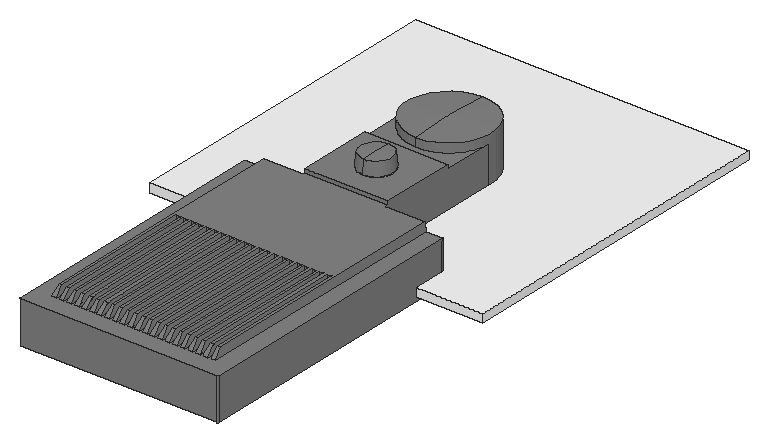
Revit family "BE_84653_de_DE", category Leuchten, Revit 2020
Family settings
  Basisbauteil = Fläche
  Bemaßung runder Anschluss = Durchmesser verwenden
  Teiletyp = Normal
  Beim Laden mit Abzugskörper schneiden = Ja
  Lichtquelle = Ja
  Gemeinsam genutzt = Nein
  Raumberechnungspunkt = Ja
Parameters (values of type "BEGA_84653_Grafit_K3")
  built-in parameter 1150104 = 18.042 (stored number, unit not read)
  Windangriffsfläche = ""
  Werkzeuglos = ""
  Wattage = 31 W
  Default Elevation = 0 mm
  built-in parameter 1150113 = 1 (stored number, unit not read)
  built-in parameter 1114218 = 1 (stored number, unit not read)
  Umgebungstemperatur = "25 °C"
  URL = "https://www.bega.com/de/produkt/84653"
  Typenkommentare = "© 2022 BEGA. Wir behalten uns das Recht vor, technische Änderungen ohne vorherige Ankündigung vorzunehmen."  # constant formula
  Type Image = 84653.png
  built-in parameter 1150134 = (empty or 0)
  built-in parameter 1150109 = 1 (stored number, unit not read)
  Strom = ""
  built-in parameter 1150110 = 1 (stored number, unit not read)
  Spannung = 239.996 V
  Sonderanfertigung = no
  Seriennummer [instance] = "Hier können Sie die eindeutige Seriennummer für das Facility Management eintragen."
  Schutzklasse = "II"
  Schutzart = "IP 66"
  Scheinlast = 0 VA
  Produktdatenblatt = "https://cdn.bega.com/bega/products/84653K4/current/documents/data-sheets/de"
  Oberflächentemperatur = ""
  Neigungswinkel = 0.00°
  Modell = "84653K3"
  Material_17 = BEGA_Reflektor
  Material_15 = BEGA_Leuchtmedium_matt
  Material_09 = BEGA_Glas_klar
  Material_04 = BEGA_Kunststoff_Grafit_matt
  Material_01 [instance] = BEGA_Oberfläche_Grafit_matt
  Mastzopf_Ø [instance] = "76 mm"  # constant formula
  Mast Gruppe = ""
  M_W = no
  M_G = yes
  M_A = no
  Logo = 0
  built-in parameter 1114217 = 1 (stored number, unit not read)
  built-in parameter 1150139 = (empty or 0)
  built-in parameter 1150105 = 479.07 (stored number, unit not read)
  built-in parameter 1150114 = 1 (stored number, unit not read)
  Lumens = 6020.2 lm
  Lichtpunkthöhe [instance] = ""
  built-in parameter 1150115 = 1 (stored number, unit not read)
  Leuchtenlichtstrom = "4668 lm"
  Leuchtenanzahl = ""
  Lebensdauerkriterien = "L70B50 @ 25 °C = 200000 h"
  Lastklassifizierung = Beleuchtung
  built-in parameter 1150112 = 1 (stored number, unit not read)
  Lampenlichtstrom = "6020 lm"
  Lampe = "LED 31 W"
  LED_Modulbezeichnung = "LED-1080/830"
  Hersteller = "BEGA"  # constant formula
  Halbstreuwinkel = ""
  Gewicht = "6.4 kg"
  Frequenz = "0/50-60 Hz"
  Farbwiedergabeindex = "CRI > 80"
  Farbtemperaturverschiebung bei Dämpfen der Lampe = <Keine Auswahl>
  Farbtemperatur = "3000 K"
  Color Filter = 16777215
  Erdstück [instance] = no
  built-in parameter 1150133 = 10 (stored number, unit not read)
  Energieeffizienzklasse = "LED A++ - A"
  Einstecktiefe = "100 mm"
  built-in parameter 1150137 = (empty or 0)
  built-in parameter 1150132 = (empty or 0)
  ENEC = "ja"
  Dimmbar [instance] = "on/off"
  Datei für fotometrisches Netz = "BE_84653K3.IES"
  CE_Konformität = "ja"
  Bestellnummer_Erdstück [instance] = ""
  Bestellnummer = "84653K3"
  Beschreibung_Sonderanfertigung = "Hier können Sie Informationen zur Sonderanfertigung eintragen."
  Beschreibung = "Aufsatzleuchte"
  built-in parameter 1150106 = 4.7907 (stored number, unit not read)
  Befestigungsbohrung = ""
  BEGA_Intern_aus = yes
  BEGA_Intern_an = yes
  BEGA_Intern_Konstruktion = yes
  BEGA_Intern = yes
  BEGA_IES3 = yes
  BEGA_IES2 = yes
  BEGA_IES1 = yes
  BEGA_IES = yes
  BEGA_Dummy = no
  Anschlussleitung = "8.0 m H05RN-F 2 × 1²"
  Anschlussleistung [instance] = "34.5 W"
  Anschlusskasten = ""
  built-in parameter 1150107 = 3000 (stored number, unit not read)
  built-in parameter 1150102 = (empty or 0)
  built-in parameter 1150138 = (empty or 0)
  Aktualisierung = "2022-05-19T04:00:07"
  Abstand_zur_angestrahlten_Fläche [instance] = ""
  AC/DC = "AC/DC"
Types (2, lengths in mm): name | built-in parameter 1150104 | built-in parameter 1150134 | Modell | built-in parameter 1150105 | Lumens | Leuchtenlichtstrom | Lampenlichtstrom | LED_Modulbezeichnung | Farbtemperatur | Datei für fotometrisches Netz | Bestellnummer | built-in parameter 1150106 | built-in parameter 1150107
  BEGA_84653_Grafit_K3 | 18.042 (stored number, unit not read) | (empty or 0) | "84653K3" | 479.07 (stored number, unit not read) | 6020.2 lm | "4668 lm" | "6020 lm" | "LED-1080/830" | "3000 K" | "BE_84653K3.IES" | "84653K3" | 4.7907 (stored number, unit not read) | 3000 (stored number, unit not read)
  BEGA_84653_Grafit_K4 | 18.553 (stored number, unit not read) | 12 | "84653K4" | 492.64 (stored number, unit not read) | 6190.7 lm | "4800 lm" | "6190 lm" | "LED-1080/840" | "4000 K" | "BE_84653K4.IES" | "84653K4" | 4.9264 (stored number, unit not read) | 4000 (stored number, unit not read)
Reference planes
  plane 1 "Mitte (Vorne/Hinten)": y = 0
  plane 2: z = 0
  plane 3 "Mitte (Links/Rechts)": x = 0
  plane 4 "Links": x = -119.513
  plane 5 "Rechts": x = 119.513
  plane 6 "Unten": y = -497.113
  plane 7 "Oben": y = 50.157
  plane 8 "Vorne": z = 65.956
  plane 9 "Hinten": z = -130
Forms (mm)
  Extrusion 1, solid, material "BEGA_Platte_Weiss"
    sketch origin (0, -1119.2, 0) x (1, 0, 0) y (0, 1, 0)
      loop
        line (-200, 1319.2) -> (-200, 919.2) -> (200, 919.2) -> (200, 1319.2) -> (-200, 1319.2)
    from 0 to -10
  Extrusion 2, solid, material "BEGA_Dummy_matt", visible <- "BEGA_Dummy"
    sketch origin (80.095, -76.023, 0) x (1, 0, 0) y (0, 1, 0)
      loop
        line (-199.608, 126.18) -> (-199.608, -421.09) -> (39.418, -421.09) -> (39.418, 126.18) -> (-199.608, 126.18)
    from -130 to 65.956
Dimensions and locks
  plane 1 "Mitte (Vorne/Hinten)" to Extrusion 1 = 200 mm
  aligned and locked: plane 2 to Extrusion 1
  aligned and locked: level to Extrusion 1
Nested families
  nested 1: "BE_84653" at (0, 0, 0), type "BE_84653"
Connectors
  electrical at (0, 0, 0), driven by "Lastklassifizierung", driven by "Spannung", driven by "Scheinlast"
    settings: index 1, voltage 239.996 V, apparent load 0 VA, apparent load phase1 0 VA, apparent load phase2 0 VA, apparent load phase3 0 VA, power factor 1, load classification "Beleuchtung", number of poles 1, system type 31, power factor state 1, is connector primary yes, connector utility no, sub classification motor no, connector description ""
Definition of nested family "BE_84653"
  Parameters (values of type "BE_84653")
    Default Elevation = 1 mm
    URL = "http://www.bega.de/de/produkt"
    Type Comments = "© 2015 BEGA. Wir behalten uns das Recht vor, technische Änderungen ohne vorherige Ankündigung vorzunehmen. "  # constant formula
    Type Image = (empty or 0)
    Material_17 = none
    Material_15 = none
    Material_09 = none
    Material_04 = none
    Material_01 = none
    M_W = yes
    M_G = yes
    M_A = yes
    Länge_Platte = 200 mm  # constant formula
    Höhe_Platte = -10 mm  # constant formula
    Manufacturer = "BEGA"  # constant formula
    Breite_Platte = 200 mm  # constant formula
  Reference planes
    plane 1 "Mitte (Oben/Unten)": y = 0
    plane 2: z = 0
    plane 3 "Mitte (Links/Rechts)": x = 0
    plane 4: x = -119.513
    plane 5: x = 119.513
    plane 6: y = -497.113
    plane 7: y = 50.157
    plane 8: z = -130
    plane 9: z = 65.956
  Forms (mm)
    Extrusion 1, solid, detail levels medium
      sketch origin (0, 0, 0) x (1, 0, 0) y (0, 1, 0)
        loop
          line (-100, 100) -> (-100, -100) -> (100, -100) -> (100, 100) -> (-100, 100)
      from 0 to -10 <- "Höhe_Platte"
    Revolve 2, solid, material <- "Material_01"
      sketch origin (0, 0, 0) x (0, 1, 0) y (0, 0, 1)
        loop
          line (50.157, -15.5) -> (50.157, 53.48)
          arc (50.157, 53.48) -> (25.099, 54.995) -> (0, 55.5) r 623.82
          line (0, 55.5) -> (0, -100) -> (24.307, -100) -> (27.307, -97) -> (28.729, -15.5) -> (50.157, -15.5)
        axis (0, 55.5) -> (0, -100)
      angle from 0 to 360
    Revolve 3, solid, material <- "Material_04"
      sketch origin (0, 0, 0) x (0, 1, 0) y (0, 0, 1)
        loop
          line (2.25, -100) -> (-7.25, -100) -> (-7.25, -130.1) -> (-0.75, -130.1)
          arc (-0.75, -130.1) -> (1.371, -129.221) -> (2.25, -127.1) r 3
          line (2.25, -127.1) -> (2.25, -113.1) -> (0.427, -113.1) -> (0.427, -105.4) -> (2.25, -105.4) -> (2.25, -100)
        axis (-7.25, -100) -> (-7.25, -130.1)
      angle from 0 to 360
    Revolve 4, solid, material <- "Material_04"
      sketch origin (0, 0, 0) x (0, 1, 0) y (0, 0, 1)
        loop
          line (-89.903, 48.45) -> (-91.157, 64.537)
          arc (-91.157, 64.537) -> (-100.501, 65.609) -> (-109.9, 65.95) r 120.654
          line (-109.9, 65.95) -> (-109.9, -38.25)
          arc (-109.9, -38.25) -> (-100.473, -37.907) -> (-91.102, -36.828) r 120.637
          line (-91.102, -36.828) -> (-89.903, -21.446) -> (-89.903, 48.45)
        axis (-109.9, -38.25) -> (-109.9, 65.95)
      angle from 0 to 360
    Extrusion 5, solid, material <- "Material_01"
      sketch origin (0, 0, 0) x (0, 1, 0) y (0, 0, 1)
        loop
          line (-65.025, 43.4) -> (-65.2, 48.4) -> (-154.6, 48.4) -> (-154.751, 44.1) -> (-159.744, 44.1) -> (-159.744, -15.9) -> (-156.724, -15.9) -> (-156.724, -20.7) -> (-65.075, -20.7) -> (-64.893, -15.5) -> (0, -15.5) -> (0, 43.4) -> (-65.025, 43.4)
      from -49.955 to 49.944
    Extrusion 6, solid, material <- "Material_01"
      sketch origin (0, 0, 0) x (1, 0, 0) y (0, 1, 0)
        loop
          arc (-119.513, -495.113) -> (-118.927, -496.527) -> (-117.513, -497.113) r 2
          line (-117.513, -497.113) -> (117.513, -497.113)
          arc (117.513, -497.113) -> (118.927, -496.527) -> (119.513, -495.113) r 2
          line (119.513, -495.113) -> (119.513, -160.087)
          arc (119.513, -160.087) -> (118.927, -158.673) -> (117.513, -158.087) r 2
          line (117.513, -158.087) -> (45.197, -158.087) -> (-45.197, -158.087) -> (-117.513, -158.087)
          arc (-117.513, -158.087) -> (-118.927, -158.673) -> (-119.513, -160.087) r 2
          line (-119.513, -160.087) -> (-119.513, -495.113)
      from -15.9 to 44.1
    Extrusion 7, void
      sketch origin (0, 3.681, 0) x (0, 1, 0) y (0, 0, 1)
        loop
          line (-295.119, -15.9) -> (-296.757, -11.4) -> (-496.664, -11.4) -> (-498.302, -15.9) -> (-295.119, -15.9)
      from -114 to 113.55
    Extrusion 8, void
      sketch origin (0, 0, 0) x (0, 1, 0) y (0, 0, 1)
        loop
          line (-302.892, 31.3) -> (-481.458, 31.3) -> (-483.106, -15.9) -> (-301.245, -15.9) -> (-302.892, 31.3)
      from -99 to 98.5
    Extrusion 9, solid, material <- "Material_15"
      sketch origin (0, 0, 0) x (0, 1, 0) y (0, 0, 1)
        loop
          line (-298.3, 29.5) -> (-298.3, 31.2) -> (-334.3, 31.2) -> (-334.3, 29.5) -> (-298.3, 29.5)
      from -95 to 95
    Extrusion 10, solid, material <- "Material_17"
      sketch origin (0, 0, 0) x (0, 1, 0) y (0, 0, 1)
        loop
          line (-320.695, -11.2) -> (-301.395, -11.2) -> (-302.035, -10.7) -> (-320.695, -10.7)
          arc (-320.695, -10.7) -> (-321.159, -10.388) -> (-321.044, -9.842) r 0.5
          arc (-321.044, -9.842) -> (-308.836, 7.158) -> (-303.15, 27.3) r 60.5
          line (-303.15, 27.3) -> (-304.724, 27.3) -> (-304.724, 20.605)
          arc (-304.724, 20.605) -> (-310.856, 4.341) -> (-321.393, -9.483) r 60
          arc (-321.393, -9.483) -> (-321.622, -10.577) -> (-320.695, -11.2) r 1
        loop
          line (-333.224, 25.93) -> (-336.507, 25.93)
          arc (-336.507, 25.93) -> (-408.305, 11.082) -> (-478.312, -10.7) r 750.5
          line (-478.312, -10.7) -> (-480.858, -10.7) -> (-482.942, -11.2) -> (-478.224, -11.2)
          arc (-478.224, -11.2) -> (-406.652, 10.991) -> (-333.224, 25.93) r 750
      from -105.848 to 105.848
    Extrusion 11, solid, material <- "Material_17"
      sketch origin (0, 0, 0) x (1, 0, 0) y (0, 0, 1)
        loop
          arc (-99.5, -4.7) -> (-99.146, -4.847) -> (-99, -5.2) r 0.5
          line (-99, -5.2) -> (-99, -10.2)
          arc (-99, -10.2) -> (-98.707, -10.907) -> (-98, -11.2) r 1
          line (-98, -11.2) -> (-96.958, -11.2)
          arc (-96.958, -11.2) -> (-96.269, -10.925) -> (-95.959, -10.252) r 1
          arc (-95.959, -10.252) -> (-90.555, 10.344) -> (-77.416, 27.1) r 52.5
          line (-77.416, 27.1) -> (-80.868, 27.1) -> (-81.7, 26.6) -> (-78.757, 26.6)
          arc (-78.757, 26.6) -> (-91.401, 9.747) -> (-96.481, -10.7) r 53
          line (-96.481, -10.7) -> (-98.5, -10.7) -> (-98.5, -4.2) -> (-105.848, -4.2) -> (-106.714, -4.7) -> (-99.5, -4.7)
        loop
          line (99.5, -4.7) -> (106.714, -4.7) -> (105.848, -4.2) -> (98.5, -4.2) -> (98.5, -10.7) -> (96.481, -10.7)
          arc (96.481, -10.7) -> (91.401, 9.747) -> (78.757, 26.6) r 53
          line (78.757, 26.6) -> (81.7, 26.6) -> (80.868, 27.1) -> (77.416, 27.1)
          arc (77.416, 27.1) -> (90.555, 10.344) -> (95.959, -10.252) r 52.5
          arc (95.959, -10.252) -> (96.269, -10.925) -> (96.958, -11.2) r 1
          line (96.958, -11.2) -> (98, -11.2)
          arc (98, -11.2) -> (98.707, -10.907) -> (99, -10.2) r 1
          line (99, -10.2) -> (99, -5.2)
          arc (99, -5.2) -> (99.146, -4.847) -> (99.5, -4.7) r 0.5
        loop
          arc (-2.041, -10.252) -> (-1.731, -10.925) -> (-1.042, -11.2) r 1
          line (-1.042, -11.2) -> (1.042, -11.2)
          arc (1.042, -11.2) -> (1.731, -10.925) -> (2.041, -10.252) r 1
          arc (2.041, -10.252) -> (7.275, 9.999) -> (20, 26.599) r 52.5
          line (20, 26.599) -> (18.689, 26.1)
          arc (18.689, 26.1) -> (6.44, 9.409) -> (1.519, -10.7) r 53
          line (1.519, -10.7) -> (-1.519, -10.7)
          arc (-1.519, -10.7) -> (-6.44, 9.409) -> (-18.689, 26.1) r 53
          line (-18.689, 26.1) -> (-20, 26.599)
          arc (-20, 26.599) -> (-7.275, 9.999) -> (-2.041, -10.252) r 52.5
      from 302.035 to 482.942
    Extrusion 12, solid, material <- "Material_09"
      sketch origin (0, 0, 0) x (1, 0, 0) y (0, 1, 0)
        loop
          arc (111.244, -296.5) -> (111.098, -296.147) -> (110.744, -296) r 0.5
          line (110.744, -296) -> (-110.744, -296)
          arc (-110.744, -296) -> (-111.098, -296.147) -> (-111.244, -296.5) r 0.5
          line (-111.244, -296.5) -> (-111.25, -491.77)
          arc (-111.25, -491.77) -> (-111.095, -492.17) -> (-110.738, -492.314) r 0.5
          line (-110.738, -492.314) -> (110.738, -492.314)
          arc (110.738, -492.314) -> (111.095, -492.17) -> (111.244, -491.814) r 0.5
          line (111.244, -491.814) -> (111.244, -296.5)
      from -11.4 to -15.571
    Extrusion 13, void
      sketch origin (0, 0, 0) x (1, 0, 0) y (0, 0, 1)
        loop
          line (-98.45, 34.3) -> (-96.831, 46.6) -> (-122.696, 46.6) -> (-122.696, 34.3) -> (-98.45, 34.3)
        loop
          line (98.45, 34.3) -> (122.998, 34.3) -> (122.998, 46.6) -> (96.831, 46.6) -> (98.45, 34.3)
      from 144.146 to 509.248
    Extrusion 14, void
      sketch origin (0, 0, 0) x (0, 1, 0) y (0, 0, 1)
        loop
          line (-499.279, 34.3) -> (-474.622, 34.3) -> (-463.469, 45.453) -> (-499.279, 45.453) -> (-499.279, 34.3)
      from -122.696 to 122.998
    Extrusion 15, void
      sketch origin (0, 0, 0) x (1, 0, 0) y (0, 0, 1)
        loop
          line (-93.94, 44.1) -> (-92.65, 34.3) -> (-89.35, 34.3) -> (-88.06, 44.1) -> (-84.84, 44.1) -> (-83.55, 34.3) -> (-80.25, 34.3) -> (-78.96, 44.1) -> (-75.74, 44.1) -> (-74.45, 34.3) -> (-71.15, 34.3) -> (-69.86, 44.1) -> (-66.64, 44.1) -> (-65.35, 34.3) -> (-62.05, 34.3) -> (-60.76, 44.1) -> (-57.54, 44.1) -> (-56.25, 34.3) -> (-52.95, 34.3) -> (-51.66, 44.1) -> (-48.44, 44.1) -> (-47.15, 34.3) -> (-43.85, 34.3) -> (-42.56, 44.1) -> (-39.34, 44.1) -> (-38.05, 34.3) -> (-34.75, 34.3) -> (-33.46, 44.1) -> (-30.24, 44.1) -> (-28.95, 34.3) -> (-25.65, 34.3) -> (-24.36, 44.1) -> (-21.14, 44.1) -> (-19.85, 34.3) -> (-16.55, 34.3) -> (-15.26, 44.1) -> (-12.04, 44.1) -> (-10.75, 34.3) -> (-7.45, 34.3) -> (-6.16, 44.1) -> (-2.94, 44.1) -> (-1.65, 34.3) -> (1.65, 34.3) -> (2.94, 44.1) -> (6.16, 44.1) -> (7.45, 34.3) -> (10.75, 34.3) -> (12.04, 44.1) -> (15.26, 44.1) -> (16.55, 34.3) -> (19.85, 34.3) -> (21.14, 44.1) -> (24.36, 44.1) -> (25.65, 34.3) -> (28.95, 34.3) -> (30.24, 44.1) -> (33.46, 44.1) -> (34.75, 34.3) -> (38.05, 34.3) -> (39.34, 44.1) -> (42.56, 44.1) -> (43.85, 34.3) -> (47.15, 34.3) -> (48.44, 44.1) -> (51.66, 44.1) -> (52.95, 34.3) -> (56.25, 34.3) -> (57.54, 44.1) -> (60.76, 44.1) -> (62.05, 34.3) -> (65.35, 34.3) -> (66.64, 44.1) -> (69.86, 44.1) -> (71.15, 34.3) -> (74.45, 34.3) -> (75.74, 44.1) -> (78.96, 44.1) -> (80.25, 34.3) -> (83.55, 34.3) -> (84.84, 44.1) -> (88.06, 44.1) -> (89.35, 34.3) -> (92.65, 34.3) -> (93.94, 44.1) -> (97.16, 44.1) -> (98.45, 34.3) -> (98.45, 47.319) -> (-98.45, 47.319) -> (-98.45, 34.3) -> (-97.16, 44.1) -> (-93.94, 44.1)
      from 294.148 to 503.896
    Revolve 16, void
      sketch origin (0, 0, 0) x (0, 1, 0) y (0, 0, 1)
        loop
          line (38.885, -15.5) -> (38.75, 0) -> (29, 0) -> (28.729, -15.5) -> (38.885, -15.5)
        axis (0, 0) -> (0, -15.5)
      angle from 0 to 360
  Cuts and joins
    Extrusion 15, Revolve 16 cuts Revolve 2
    Extrusion 15, Revolve 16 cuts Extrusion 5
    Extrusion 7, Extrusion 8, Extrusion 13, Extrusion 14, Extrusion 15, Revolve 16 cuts Extrusion 6
    joined: Revolve 2, Extrusion 5, Extrusion 6
    Extrusion 15 cuts Revolve 4
  Dimensions and locks
    equal spacing: Extrusion 1 sketch curve, plane 3 "Mitte (Links/Rechts)", Extrusion 1 sketch curve
    equal spacing: Extrusion 1 sketch curve, plane 1 "Mitte (Oben/Unten)", Extrusion 1 sketch curve
    "Länge_Platte": Extrusion 1 sketch curve to Extrusion 1 sketch curve
    "Breite_Platte": Extrusion 1 sketch curve to Extrusion 1 sketch curve
    aligned and locked: plane 2 to Extrusion 1
    aligned and locked: level to Extrusion 1
  Automatic sketch dimensions
    Revolve 4 sketch curve to level = 54.704 mm
    plane 1 "Mitte (Oben/Unten)" to Revolve 4 sketch curve = 109.572 mm
    Revolve 4 sketch curve to Revolve 4 sketch curve = 0.328 mm
    Revolve 4 sketch curve to Revolve 4 sketch curve = 0.327 mm
    Revolve 4 sketch curve to Revolve 4 sketch curve = 18.798 mm
    Revolve 4 sketch curve to level = 36.828 mm
    Revolve 4 sketch curve to Revolve 4 sketch curve = 1.254 mm
    Revolve 4 sketch curve to level = 21.446 mm
    Revolve 4 sketch curve to Revolve 4 sketch curve = 1.199 mm
    Revolve 4 sketch curve to Revolve 4 sketch curve = 1.422 mm
    Revolve 4 sketch curve to Revolve 4 sketch curve = 33.937 mm
    Revolve 4 sketch curve to Revolve 4 sketch curve = 16.087 mm
    plane 1 "Mitte (Oben/Unten)" to Revolve 3 sketch curve = 7.25 mm
    plane 1 "Mitte (Oben/Unten)" to Revolve 3 sketch curve = 0.75 mm
    Revolve 3 sketch curve to plane 1 "Mitte (Oben/Unten)" = 2.25 mm
    Revolve 3 sketch curve to level = 130.1 mm
    Revolve 3 sketch curve to Revolve 3 sketch curve = 3 mm
    Revolve 3 sketch curve to Revolve 3 sketch curve = 5.4 mm
    Revolve 3 sketch curve to Revolve 3 sketch curve = 0 mm
    Revolve 3 sketch curve to plane 1 "Mitte (Oben/Unten)" = 0.427 mm
    Revolve 3 sketch curve to Revolve 3 sketch curve = 2 mm  (x2)
    Revolve 3 sketch curve to Revolve 3 sketch curve = 7.7 mm
    Revolve 3 sketch curve to Revolve 3 sketch curve = 14 mm
    Extrusion 6 sketch curve to plane 3 "Mitte (Links/Rechts)" = 117.513 mm  (x2)
    plane 3 "Mitte (Links/Rechts)" to Extrusion 6 sketch curve = 117.513 mm  (x2)
    plane 1 "Mitte (Oben/Unten)" to Extrusion 6 sketch curve = 495.113 mm
    Extrusion 6 sketch curve to Extrusion 6 sketch curve = 0 mm  (x19)
    plane 1 "Mitte (Oben/Unten)" to Extrusion 6 sketch curve = 160.087 mm
    Extrusion 6 sketch curve to Extrusion 6 sketch curve = 2 mm  (x6)
    Extrusion 6 sketch curve to plane 3 "Mitte (Links/Rechts)" = 45.197 mm
    plane 3 "Mitte (Links/Rechts)" to Extrusion 6 sketch curve = 45.197 mm
    Extrusion 5 sketch curve to plane 1 "Mitte (Oben/Unten)" = 0 mm
    Extrusion 5 sketch curve to level = 15.5 mm
    plane 1 "Mitte (Oben/Unten)" to Extrusion 5 sketch curve = 64.893 mm
    Extrusion 5 sketch curve to Extrusion 5 sketch curve = 0.132 mm
    Extrusion 5 sketch curve to level = 20.7 mm
    Extrusion 5 sketch curve to Extrusion 5 sketch curve = 0.182 mm
    Extrusion 5 sketch curve to Extrusion 5 sketch curve = 0.175 mm
    level to Extrusion 5 sketch curve = 48.4 mm
    Extrusion 5 sketch curve to Extrusion 5 sketch curve = 89.401 mm
    level to Extrusion 5 sketch curve = 44.1 mm
    Extrusion 5 sketch curve to Extrusion 5 sketch curve = 0.15 mm
    Extrusion 5 sketch curve to Extrusion 5 sketch curve = 4.993 mm
    level to Extrusion 5 sketch curve = 43.4 mm
    Extrusion 5 sketch curve to Extrusion 5 sketch curve = 4.8 mm
    Extrusion 5 sketch curve to Extrusion 5 sketch curve = 3.02 mm
    plane 1 "Mitte (Oben/Unten)" to Extrusion 7 sketch curve = 492.982 mm
    Extrusion 7 sketch curve to Extrusion 7 sketch curve = 199.907 mm
    Extrusion 7 sketch curve to Extrusion 7 sketch curve = 1.638 mm  (x2)
    Extrusion 7 sketch curve to level = 11.4 mm
    Extrusion 7 sketch curve to level = 15.9 mm
    Extrusion 8 sketch curve to level = 15.9 mm
    plane 1 "Mitte (Oben/Unten)" to Extrusion 8 sketch curve = 483.106 mm
    Extrusion 8 sketch curve to Extrusion 8 sketch curve = 1.648 mm
    level to Extrusion 8 sketch curve = 31.3 mm
    Extrusion 8 sketch curve to Extrusion 8 sketch curve = 180.214 mm
    Extrusion 8 sketch curve to Extrusion 8 sketch curve = 1.647 mm
    level to Extrusion 9 sketch curve = 31.2 mm
    plane 1 "Mitte (Oben/Unten)" to Extrusion 9 sketch curve = 298.3 mm
    Extrusion 9 sketch curve to Extrusion 9 sketch curve = 36 mm
    Extrusion 9 sketch curve to Extrusion 9 sketch curve = 1.7 mm
    Extrusion 10 sketch curve to Extrusion 10 sketch curve = 0 mm  (x6)
    Extrusion 10 sketch curve to level = 10.7 mm
    plane 1 "Mitte (Oben/Unten)" to Extrusion 10 sketch curve = 480.858 mm
    Extrusion 10 sketch curve to Extrusion 10 sketch curve = 2.545 mm
    Extrusion 10 sketch curve to Extrusion 10 sketch curve = 0.089 mm
    level to Extrusion 10 sketch curve = 33.417 mm
    Extrusion 10 sketch curve to Extrusion 10 sketch curve = 114.972 mm
    Extrusion 10 sketch curve to Extrusion 10 sketch curve = 26.833 mm
    Extrusion 10 sketch curve to Extrusion 10 sketch curve = 3.283 mm
    Extrusion 10 sketch curve to level = 10.2 mm
    Extrusion 10 sketch curve to Extrusion 10 sketch curve = 12.528 mm
    Extrusion 10 sketch curve to Extrusion 10 sketch curve = 28.499 mm
    Extrusion 10 sketch curve to Extrusion 10 sketch curve = 1.574 mm
    Extrusion 10 sketch curve to Extrusion 10 sketch curve = 18.66 mm
    Extrusion 10 sketch curve to level = 11.2 mm
    Extrusion 10 sketch curve to Extrusion 10 sketch curve = 0.64 mm
    plane 1 "Mitte (Oben/Unten)" to Extrusion 10 sketch curve = 220.601 mm
    Extrusion 10 sketch curve to Extrusion 10 sketch curve = 0.5 mm  (x2)
    level to Extrusion 10 sketch curve = 20.605 mm
    Extrusion 10 sketch curve to Extrusion 10 sketch curve = 6.695 mm
    Extrusion 10 sketch curve to Extrusion 10 sketch curve = 2.084 mm
    Extrusion 11 sketch curve to level = 4.7 mm
    Extrusion 11 sketch curve to level = 4.2 mm  (x2)
    Extrusion 11 sketch curve to Extrusion 11 sketch curve = 0.866 mm  (x2)
    Extrusion 11 sketch curve to Extrusion 11 sketch curve = 6.348 mm  (x2)
    Extrusion 11 sketch curve to Extrusion 11 sketch curve = 0.5 mm  (x12)
    Extrusion 11 sketch curve to Extrusion 11 sketch curve = 1 mm  (x2)
    Extrusion 11 sketch curve to Extrusion 11 sketch curve = 1.042 mm  (x2)
    Extrusion 11 sketch curve to Extrusion 11 sketch curve = 0.477 mm  (x4)
    level to Extrusion 11 sketch curve = 26.6 mm
    Extrusion 11 sketch curve to Extrusion 11 sketch curve = 16.8 mm
    Extrusion 11 sketch curve to Extrusion 11 sketch curve = 0.832 mm  (x2)
    Extrusion 11 sketch curve to Extrusion 11 sketch curve = 2.111 mm  (x2)
    Extrusion 11 sketch curve to Extrusion 11 sketch curve = 1.341 mm  (x2)
    Extrusion 11 sketch curve to level = 13.001 mm  (x2)
    Extrusion 11 sketch curve to Extrusion 11 sketch curve = 42.012 mm  (x2)
    Extrusion 11 sketch curve to Extrusion 11 sketch curve = 0 mm  (x6)
    Extrusion 11 sketch curve to Extrusion 11 sketch curve = 10.938 mm  (x2)
    Extrusion 11 sketch curve to plane 3 "Mitte (Links/Rechts)" = 20 mm
    Extrusion 11 sketch curve to Extrusion 11 sketch curve = 1.311 mm  (x2)
    Extrusion 11 sketch curve to plane 3 "Mitte (Links/Rechts)" = 1.519 mm
    plane 3 "Mitte (Links/Rechts)" to Extrusion 11 sketch curve = 1.042 mm
    plane 3 "Mitte (Links/Rechts)" to Extrusion 11 sketch curve = 18.689 mm
    Extrusion 11 sketch curve to Extrusion 11 sketch curve = 22.947 mm
    level to Extrusion 11 sketch curve = 27.1 mm
    Extrusion 11 sketch curve to level = 10.7 mm  (x2)
    Extrusion 11 sketch curve to Extrusion 11 sketch curve = 14.781 mm
    Extrusion 11 sketch curve to Extrusion 11 sketch curve = 0.001 mm  (x4)
    Extrusion 11 sketch curve to Extrusion 11 sketch curve = 0.499 mm  (x2)
    Extrusion 11 sketch curve to Extrusion 11 sketch curve = 0.522 mm  (x2)
    Extrusion 12 sketch curve to plane 3 "Mitte (Links/Rechts)" = 110.744 mm  (x2)
    Extrusion 12 sketch curve to Extrusion 12 sketch curve = 0.006 mm  (x4)
    plane 3 "Mitte (Links/Rechts)" to Extrusion 12 sketch curve = 110.738 mm
    plane 3 "Mitte (Links/Rechts)" to Extrusion 12 sketch curve = 110.744 mm
    plane 1 "Mitte (Oben/Unten)" to Extrusion 12 sketch curve = 492.314 mm
    Extrusion 12 sketch curve to Extrusion 12 sketch curve = 0.5 mm  (x7)
    Extrusion 12 sketch curve to Extrusion 12 sketch curve = 195.314 mm  (x2)
    Extrusion 12 sketch curve to Extrusion 12 sketch curve = 0.044 mm  (x2)
    Extrusion 12 sketch curve to Extrusion 12 sketch curve = 0 mm  (x2)
    level to Extrusion 13 sketch curve = 34.3 mm  (x2)
    Extrusion 13 sketch curve to plane 3 "Mitte (Links/Rechts)" = 122.696 mm
    Extrusion 13 sketch curve to Extrusion 13 sketch curve = 24.246 mm
    level to Extrusion 13 sketch curve = 46.6 mm  (x2)
    Extrusion 13 sketch curve to Extrusion 13 sketch curve = 1.619 mm  (x2)
    plane 3 "Mitte (Links/Rechts)" to Extrusion 13 sketch curve = 96.831 mm
    Extrusion 13 sketch curve to Extrusion 13 sketch curve = 26.167 mm
    level to Extrusion 14 sketch curve = 45.453 mm
    plane 1 "Mitte (Oben/Unten)" to Extrusion 14 sketch curve = 499.279 mm
    level to Extrusion 14 sketch curve = 34.3 mm
    Extrusion 14 sketch curve to Extrusion 14 sketch curve = 24.657 mm
    Extrusion 14 sketch curve to Extrusion 14 sketch curve = 11.153 mm
    level to Extrusion 15 sketch curve = 47.319 mm
    Extrusion 15 sketch curve to plane 3 "Mitte (Links/Rechts)" = 98.45 mm
    level to Extrusion 15 sketch curve = 44.1 mm
    Extrusion 15 sketch curve to Extrusion 15 sketch curve = 1.29 mm  (x2)
    Extrusion 15 sketch curve to Extrusion 15 sketch curve = 3.22 mm  (x21)
    level to Extrusion 15 sketch curve = 34.3 mm  (x7)
    Extrusion 15 sketch curve to Extrusion 15 sketch curve = 5.8 mm  (x21)
    Extrusion 15 sketch curve to Extrusion 15 sketch curve = 5.88 mm  (x19)
    Extrusion 15 sketch curve to Extrusion 15 sketch curve = 3.3 mm  (x20)
    Extrusion 15 sketch curve to plane 3 "Mitte (Links/Rechts)" = 2.94 mm
    Extrusion 15 sketch curve to plane 3 "Mitte (Links/Rechts)" = 1.65 mm
    plane 3 "Mitte (Links/Rechts)" to Extrusion 15 sketch curve = 1.65 mm
    plane 3 "Mitte (Links/Rechts)" to Extrusion 15 sketch curve = 2.94 mm
    Extrusion 15 sketch curve to Extrusion 15 sketch curve = 0 mm  (x34)
    Extrusion 15 sketch curve to Extrusion 15 sketch curve = 9.8 mm  (x2)
    Extrusion 15 sketch curve to Extrusion 15 sketch curve = 3.219 mm
    Revolve 2 sketch curve to plane 1 "Mitte (Oben/Unten)" = 0 mm  (x2)
    Revolve 2 sketch curve to level = 15.5 mm
    Revolve 2 sketch curve to plane 7 = 0 mm
    plane 8 to Revolve 2 sketch curve = 30 mm
    Revolve 2 sketch curve to plane 8 = 438.32 mm
    Revolve 2 sketch curve to plane 9 = 12.476 mm
    Revolve 2 sketch curve to Revolve 2 sketch curve = 24.307 mm
    Revolve 2 sketch curve to Revolve 2 sketch curve = 3 mm  (x2)
    Revolve 2 sketch curve to Revolve 2 sketch curve = 41.28 mm
    plane 9 to Revolve 2 sketch curve = 2277.85 mm
    Revolve 2 sketch curve to Revolve 2 sketch curve = 21.427 mm
    Revolve 16 sketch curve to plane 7 = 11.271 mm
    Revolve 16 sketch curve to level = 0 mm
    Revolve 16 sketch curve to Revolve 16 sketch curve = 9.75 mm
    Revolve 16 sketch curve to level = 15.5 mm
    Revolve 16 sketch curve to Revolve 16 sketch curve = 0.135 mm
    Revolve 16 sketch curve to Revolve 16 sketch curve = 10.156 mm
